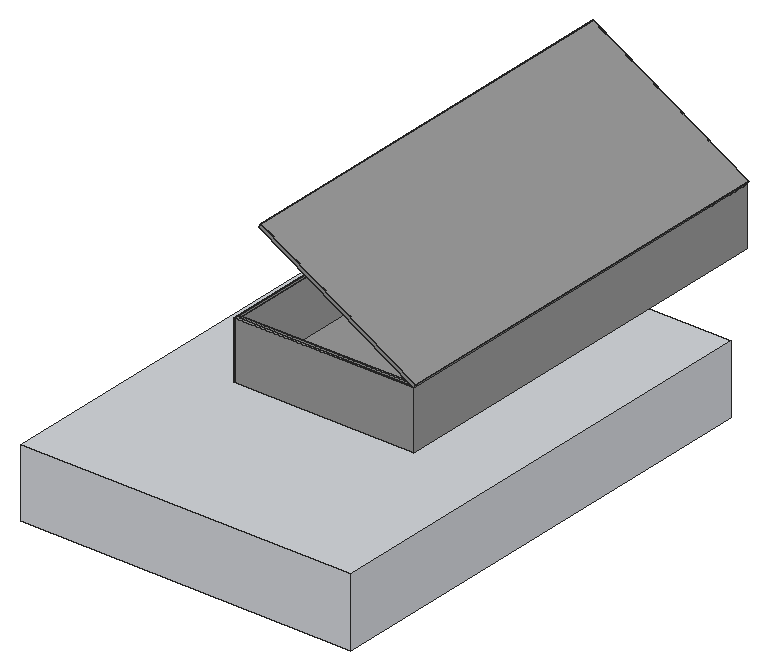
Revit family "Hager-Univers-IP41-D275-H1850-Cl.I-Steel_encl-PL-pl", category Equipement électrique, Revit 2020
Family settings
  Hôte = Face
  Configuration du panneau = Deux colonnes, circuits au sein
  Cote de connecteur circulaire = Utiliser le diamètre
  Type d'élément = Tableau de raccordement
  Couper avec des vides une fois chargée = Non
  Partagée = Non
  Point de calcul de pièce = Non
Parameters (values of type "Montaż natynkowy IP41 S800 W1850 G275  - FS23E")
  Width Control [instance] = if([EF000008 - Szerokość] > Min Width, [EF000008 - Szerokość], Min Width)  # 800 mm
  Commentaires du type = [HG000003 - Zakres]  # "Univers"
  Thickness Door [instance] = if([EF009171 - Drzwi/pokrywa z materiału o wysokiej wytrzymałości mechanicznej] > 3 mm, 3 mm, [EF009171 - Drzwi/pokrywa z materiału o wysokiej wytrzymałości mechanicznej])  # 1.5 mm
  Seal Frame Offset [instance] = 17 mm  # constant formula
  Plinth Visibility [instance] = [HG000027 - Wysokość cokołu] > 0 mm  # no
  Model = ""
  Min Width [instance] = 100 mm  # constant formula
  Min Height [instance] = 100 mm  # constant formula
  Min Depth [instance] = (2 * [EF009170 - Obudowa z materiału o wysokiej wytrzymałości mechanicznej]) + 1 mm  # 4 mm
  Internal Frame Depth [instance] = (Door System Depth * 0.5)  # 9 mm
  Height Control [instance] = if([EF000040 - Wysokość] > Min Height, [EF000040 - Wysokość], Min Height)  # 1850 mm
  HG000027 - Wysokość cokołu = 0 mm
  HG000026 - Stojąca = no
  HG000024 - Wysokość części dolnej = 800 mm
  HG000023 - Obudowa dwusekcyjna = no
  HG000016 - Widoczność drzwi w widoku 3D [instance] = yes
  HG000015 - Przestrzeń robocza - otwarcie drzwi [instance] = no
  HG000014 - Drzwi prawe [instance] = yes
  HG000013 - Drzwi lewe [instance] = not([HG000014 - Drzwi prawe])  # no
  HG000012 - Kąt otwarcia drzwi [instance] = 30.00°
  HG000010 - Drzwi asymetryczne = no
  HG000009 - Drzwi dwuskrzydłowe = no
  HG000006 - Montaż podtynkowy = no
  HG000004 - Referencja producenta = "FS23E"
  HG000003 - Zakres = "Univers"
  HG000002 - Z drzwiami lub pokrywą = yes
  Frame Offset Bottom [instance] = 10 mm  # constant formula
  Frame Offset [instance] = 15 mm  # constant formula
  EF015940 - Pokrywa z wyzwalaczem nadciśnieniowym = no
  EF011959 - Stopień ochrony (NEMA) = ""
  EF009554 - Liczba otworów pod flansze = 6
  Fabricant = "Hager"  # constant formula
  EF009212 - Wykonanie pokrywy = "EV000116 - Zamknięty"
  EF009171 - Drzwi/pokrywa z materiału o wysokiej wytrzymałości mechanicznej = 1.5 mm
  EF009170 - Obudowa z materiału o wysokiej wytrzymałości mechanicznej = 1.5 mm
  EF008873 - Prąd znamionowy (In) = 630 A
  EF007800 - Do ochrony odgromowej = no
  EF006306 - Z zamkiem = no
  EF006244 - Transparentna pokrywa/drzwi = no
  EF005474 - Stopień ochrony (IP) = "EV006416 - IP41"
  EF004464 - Rodzaj drzwi = "EV002646 - Pojedynczy"
  EF004427 - Liczba modułów = 432
  EF004293 - Odporność udarowa = "EV006813 - IK07"
  EF003532 - Do zastosowań zewnętrznych = no
  EF002950 - Szerokość wyrażona liczbą modułów = 24
  EF001613 - Podtrzymanie funkcji = "EV000494 - Brak"
  EF001596 - Materiał obudowy = "EV000179 - Stal"
  EF001131 - Głębokość wewnętrzna = 275 mm
  EF001088 - Możliwość rozbudowy = yes
  EF000437 - Liczba wejść kablowych = 6
  EF000339 - Rodzaj pokrywy = "EV004216 - Drzwi"
  EF000266 - Liczba rzędów = 12
  EF000218 - Głębokość wbudowania = 0 mm
  EF000118 - Z płytą montażową = no
  EF000116 - Numer RAL = "7035"
  EF000049 - Głębokość = 275 mm
  EF000040 - Wysokość = 1850 mm
  EF000008 - Szerokość = 800 mm
  EF000007 - Kolor = "EV000270 - Szary"
  EF000003 - Sposób montażu = "EV000384 - Montaż natynkowy"
  Door System Leaf Tolerance [instance] = 1.5 mm  # constant formula
  Door System Depth [instance] = 18 mm  # constant formula
  Door Height [instance] = Height Control - [HG000027 - Wysokość cokołu]  # 1850 mm
  Depth Control [instance] = if([EF000049 - Głębokość] > Min Depth, [EF000049 - Głębokość], Min Depth)  # 275 mm
  Default Elevation = 0 mm
  Connector Offset [instance] = Height Control / 2  # 925 mm
  Bottom Top Plate Trim [instance] = 1.5 mm  # constant formula
  Plinth height Ctrl [instance] = if([HG000027 - Wysokość cokołu] > 0 mm, [HG000027 - Wysokość cokołu], 12 mm)  # 12 mm
Types (5, lengths in mm): name | Width Control | HG000009 - Drzwi dwuskrzydłowe | HG000004 - Referencja producenta | EF009554 - Liczba otworów pod flansze | EF004464 - Rodzaj drzwi | EF004427 - Liczba modułów | EF000437 - Liczba wejść kablowych | EF000008 - Szerokość
  Montaż natynkowy IP41 S1050 W1850 G275  - FS24E | 1050 | yes | "FS24E" | 8 | "EV003602 - Podwójny" | 576 | 8 | 1050
  Montaż natynkowy IP41 S1300 W1850 G275  - FS25E | 1300 | yes | "FS25E" | 10 | "EV003602 - Podwójny" | 720 | 10 | 1300
  Montaż natynkowy IP41 S300 W1850 G275  - FS21E | 300 | no | "FS21E" | 2 | "EV002646 - Pojedynczy" | 144 | 2 | 300
  Montaż natynkowy IP41 S550 W1850 G275  - FS22E | 550 | no | "FS22E" | 4 | "EV002646 - Pojedynczy" | 288 | 4 | 550
  Montaż natynkowy IP41 S800 W1850 G275  - FS23E | 800 | no | "FS23E" | 6 | "EV002646 - Pojedynczy" | 432 | 6 | 800
Reference planes
  plane 1 "Center (Front/Back)": y = 0
  plane 2: z = 0
  plane 3 "Center (Left/Right)": x = 0
  plane 4: z = 275
  plane 5: y = 1.5
  plane 6: y = 925
  plane 7: y = 0
  plane 8: y = 1850
  plane 9: z = 0
  plane 10: x = -385
  plane 11: x = 385
  plane 12: x = 383.5
  plane 13: x = -383.5
  plane 14: y = 1848.5
  plane 15: x = -383
  plane 16: x = -400
  plane 17: x = 383
  plane 18: x = 400
  plane 19: x = 398.5
  plane 20: x = -398.5
  plane 21: y = 11.5
  plane 22: y = 1850
  plane 23: y = 1833.5
  plane 24: z = 257
  plane 25: z = 1.5
  plane 26: z = 255.5
  plane 27: z = 273.5
Forms (mm)
  Extrusion 1, solid
    sketch origin (0, 0, 0) x (1, 0, 0) y (0, 1, 0)
      loop
        line (-702.964, 1305) -> (-702.964, -811.445) -> (766.763, -811.445) -> (766.763, 1305) -> (-702.964, 1305)
    from 0 to -304.8
  Extrusion 2, solid, material "Hager_Steel_RAL7035_Light_Grey", visible <- "Plinth Visibility", detail levels medium+fine
    sketch origin (0, 0, 0) x (1, 0, 0) y (0, 1, 0)
      loop
        line (-400, 0) -> (400, 0) -> (400, 12) -> (-400, 12) -> (-400, 0)
    from 0 to 257
  Extrusion 3, solid, material "Hager_Steel_RAL7035_Light_Grey", detail levels medium+fine
    sketch origin (0, 0, 0) x (1, 0, 0) y (0, 1, 0)
      loop
        line (-400, 0) -> (400, 0) -> (400, 1850) -> (-400, 1850) -> (-400, 0)
    from 0 to 257
  Extrusion 4, void
    sketch origin (0, 0, 0) x (1, 0, 0) y (0, 1, 0)
      loop
        line (-398.5, 1.5) -> (398.5, 1.5) -> (398.5, 1848.5) -> (-398.5, 1848.5) -> (-398.5, 1.5)
    from 1.5 to 255.5
  Extrusion 5, void
    sketch origin (-381.607, -4572, 257) x (0, -1, 0) y (-1, 0, 0)
      loop
        line (-4583.5, 1.893) -> (-6405.5, 1.893) -> (-6405.5, -765.107) -> (-4583.5, -765.107) -> (-4583.5, 1.893)
    from 0 to 1.5 <- "EF009170 - Obudowa z materiału o wysokiej wytrzymałości mechanicznej"
  Extrusion 6, solid, material "Hager_Steel_RAL7035_Light_Grey", detail levels fine
    sketch origin (0, 0, 257) x (1, 0, 0) y (0, 1, 0)
      loop
        line (-383.5, 1833.5) -> (-383.5, 11.5) -> (383.5, 11.5) -> (383.5, 1833.5) -> (-383.5, 1833.5)
      loop
        line (-385, 10) -> (385, 10) -> (385, 1835) -> (-385, 1835) -> (-385, 10)
    from 0 to 9 <- "Internal Frame Depth"
  Extrusion 7, solid, material "Hager_Steel_RAL7035_Light_Grey", detail levels coarse
    sketch origin (0, 0, 0) x (1, 0, 0) y (0, 1, 0)
      loop
        line (-400, 0) -> (400, 0) -> (400, 1850) -> (-400, 1850) -> (-400, 0)
    from 0 to 275
  Sweep 8, void
    path in 3D
      loop
        line (-400, 12, 0) -> (400, 12, 0) -> (400, 12, 257) -> (-400, 12, 257) -> (-400, 12, 0)
    profile origin (-400, 12, 128.5) x (-1, 0, 0) y (0, -1, 0)
      loop
        line (0, 0) -> (0, 1.5) -> (-1.5, 1.5)
        arc (-1.5, 1.5) -> (-1.061, 0.439) -> (0, 0) r 1.5
Cuts and joins
  Extrusion 4, Extrusion 5 cuts Extrusion 3
  Sweep 8 cuts Extrusion 2
Lines and regions (mm)
  Masking region 1
    outline origin (0, 0, 0) x (1, 0, 0) y (0, 0, 1)
      loop
        line (-400, 275) -> (-400, 0) -> (400, 0) -> (400, 275) -> (-400, 275)
  Masking region 2, detail levels medium+fine
    outline origin (0, 140, 0) x (0, 1, 0) y (0, 0, 1)
      loop
        line (-140, 0) -> (1710, 0) -> (1710, 257) -> (-140, 257) -> (-140, 0)
  Masking region 3, not visible, detail levels medium+fine
    outline origin (0, 297.922, 0) x (0, 1, 0) y (0, 0, 1)
      loop
        line (638.578, 0) -> (678.578, 0) -> (678.578, 263.5)
        arc (678.578, 263.5) -> (675.649, 270.571) -> (668.578, 273.5) r 10
        line (668.578, 273.5) -> (638.578, 273.5) -> (638.578, 0)
  Masking region 4, detail levels coarse
    outline origin (0, 0, 180) x (0, 1, 0) y (0, 0, 1)
      loop
        line (0, -180) -> (1850, -180) -> (1850, 95) -> (0, 95) -> (0, -180)
  Masking region 5, visible <- "Plinth Visibility", detail levels medium+fine
    outline origin (0, 52.24, 12.345) x (0, 0, -1) y (0, 1, 0)
      loop
        line (10.845, -40.24) -> (-243.155, -40.24)
        arc (-243.155, -40.24) -> (-243.594, -41.301) -> (-244.655, -41.74) r 1.5
        line (-244.655, -41.74) -> (-244.655, -52.24) -> (12.345, -52.24) -> (12.345, -41.74)
        arc (12.345, -41.74) -> (11.285, -41.301) -> (10.845, -40.24) r 1.5
  Masking region 6, detail levels medium+fine
    outline origin (-381.607, -4572, 257) x (-1, 0, 0) y (0, -1, 0)
      loop
        line (18.393, -6422) -> (18.393, -4572) -> (-781.607, -4572) -> (-781.607, -6422) -> (18.393, -6422)
  Masking region 7, visible <- "Plinth Visibility", detail levels medium+fine
    outline origin (-381.607, -4727, 257) x (-1, 0, 0) y (0, -1, 0)
      loop
        arc (16.893, -4739) -> (17.332, -4737.939) -> (18.393, -4737.5) r 1.5
        line (18.393, -4737.5) -> (18.393, -4727) -> (-781.607, -4727) -> (-781.607, -4737.5)
        arc (-781.607, -4737.5) -> (-780.546, -4737.939) -> (-780.107, -4739) r 1.5
        line (-780.107, -4739) -> (16.893, -4739)
  Masking region 8, detail levels coarse
    outline origin (-442.548, -4669.526, 257) x (-1, 0, 0) y (0, -1, 0)
      loop
        line (-42.548, -6519.526) -> (-42.548, -4669.526) -> (-842.548, -4669.526) -> (-842.548, -6519.526) -> (-42.548, -6519.526)
  sketch lines
    curve 1: line (-400, 12, 257) -> (-400, 12, 0)
    curve 2: line (400, 12, 257) -> (-400, 12, 257)
    curve 3: line (400, 12, 257) -> (400, 12, 0)
    curve 4: line (-400, 12, 0) -> (400, 12, 0)
Dimensions and locks
  "Depth Control": plane 4 to Extrusion 1
  "HG000027 - Wysokość cokołu": plane 1 "Center (Front/Back)" to plane 7
  "EF009170 - Obudowa z materiału o wysokiej wytrzymałości mechanicznej": plane 5 to plane 7
  locked: connector elem to plane 3 "Center (Left/Right)"
  equal spacing: plane 8, plane 6, plane 7
  locked: connector elem to plane 6
  "EF009170 - Obudowa z materiału o wysokiej wytrzymałości mechanicznej": plane 8 to plane 14
  "EF009170 - Obudowa z materiału o wysokiej wytrzymałości mechanicznej": plane 10 to plane 13
  "EF009170 - Obudowa z materiału o wysokiej wytrzymałości mechanicznej": plane 12 to plane 11
  "Frame Offset": plane 20 to plane 13
  "Frame Offset": plane 12 to plane 19
  "EF009170 - Obudowa z materiału o wysokiej wytrzymałości mechanicznej": plane 16 to plane 20
  "EF009170 - Obudowa z materiału o wysokiej wytrzymałości mechanicznej": plane 19 to plane 18
  "Seal Frame Offset": plane 16 to plane 15
  "Seal Frame Offset": plane 17 to plane 18
  "Frame Offset Bottom": plane 21 to plane 5
  "Frame Offset": plane 14 to plane 23
  equal spacing: plane 16, plane 3 "Center (Left/Right)", plane 18
  "Width Control": plane 16 to plane 18
  "EF009170 - Obudowa z materiału o wysokiej wytrzymałości mechanicznej": plane 4 to plane 27
  "EF009170 - Obudowa z materiału o wysokiej wytrzymałości mechanicznej": plane 24 to plane 26
  "EF009170 - Obudowa z materiału o wysokiej wytrzymałości mechanicznej": plane 25 to level
  "Door System Depth": plane 4 to plane 24
  "Height Control": plane 1 "Center (Front/Back)" to Extrusion 7 sketch curve
  "Height Control": Masking region 4 sketch curve to plane 1 "Center (Front/Back)"
  "Height Control": plane 1 "Center (Front/Back)" to plane 22
  "Bottom Top Plate Trim": profile plane to Sweep 8 sketch curve
  "Bottom Top Plate Trim": Sweep 8 sketch curve to profile plane
  "Plinth height Ctrl": plane 1 "Center (Front/Back)" to Extrusion 2 sketch curve
  "Plinth height Ctrl": Masking region 5 sketch curve to plane 1 "Center (Front/Back)"
  "Plinth height Ctrl": plane 1 "Center (Front/Back)" to Masking region 7 sketch curve
  "Thickness Door": Extrusion 6 sketch curve to Extrusion 6 sketch curve  (x3)
  "Thickness Door": cut or joined group of Extrusion 3, Extrusion 4, Extrusion 5 to Extrusion 6 sketch curve
  radius of Masking region 3 sketch curve = 10 mm
  "Bottom Top Plate Trim": radius of Masking region 5 sketch curve  (x2)
  "Bottom Top Plate Trim": radius of Sweep 8 sketch curve
  "Bottom Top Plate Trim": radius of Masking region 7 sketch curve  (x2)
  aligned and locked: plane 2 to Extrusion 1
  aligned and locked: level to Extrusion 1
  aligned and locked: level to Masking region 1 sketch curve
  aligned and locked: Masking region 1 sketch curve to plane 18
  aligned and locked: Masking region 1 sketch curve to plane 16
  aligned and locked: plane 7 to Masking region 2 sketch curve
  aligned and locked: level to Masking region 3 sketch curve
  aligned and locked: Masking region 3 sketch curve to plane 27
  aligned and locked: level to Masking region 2 sketch curve
  aligned and locked: plane 1 "Center (Front/Back)" to Extrusion 2 sketch curve
  aligned and locked: Extrusion 3 sketch curve to plane 7
  aligned and locked: plane 16 to Extrusion 3 sketch curve
  aligned and locked: plane 18 to Extrusion 3 sketch curve
  aligned and locked: plane 20 to Extrusion 4 sketch curve
  aligned and locked: plane 19 to Extrusion 4 sketch curve
  aligned and locked: Extrusion 4 sketch curve to plane 5
  aligned and locked: Extrusion 4 to plane 25
  aligned and locked: plane 26 to Extrusion 4
  aligned and locked: plane 24 to Extrusion 3
  aligned and locked: Extrusion 5 sketch curve to plane 21
  aligned and locked: Extrusion 5 sketch curve to plane 13
  aligned and locked: Extrusion 5 sketch curve to plane 12
  aligned and locked: plane 18 to Extrusion 7 sketch curve
  aligned and locked: plane 1 "Center (Front/Back)" to Extrusion 7 sketch curve
  aligned and locked: plane 16 to Extrusion 7 sketch curve
  aligned and locked: plane 4 to Extrusion 7
  aligned and locked: Extrusion 7 to level
  aligned and locked: level to Masking region 4 sketch curve
  aligned and locked: Masking region 4 sketch curve to plane 1 "Center (Front/Back)"
  aligned and locked: Masking region 4 sketch curve to plane 4
  aligned and locked: nested 1 to level
  aligned and locked: nested 1 to plane 16
  aligned and locked: plane 8 to Extrusion 3 sketch curve
  aligned and locked: plane 23 to Extrusion 5 sketch curve
  aligned and locked: plane 14 to Extrusion 4 sketch curve
  aligned and locked: Masking region 2 sketch curve to plane 8
  aligned and locked: level to Masking region 5 sketch curve
  aligned and locked: plane 16 to Extrusion 2 sketch curve
  aligned and locked: plane 18 to Extrusion 2 sketch curve
  aligned and locked: Masking region 5 sketch curve to plane 24
  aligned and locked: Masking region 2 sketch curve to plane 24
  aligned and locked: plane 24 to Extrusion 2
  aligned and locked: profile plane to Sweep 8 sketch curve  (x2)
  aligned and locked: Masking region 6 sketch curve to plane 18
  aligned and locked: Masking region 6 sketch curve to plane 22
  aligned and locked: Masking region 6 sketch curve to plane 16
  aligned and locked: plane 8 to plane 22
  aligned and locked: Masking region 6 sketch curve to plane 7
  aligned and locked: Masking region 7 sketch curve to plane 16
  aligned and locked: Masking region 7 sketch curve to plane 1 "Center (Front/Back)"
  aligned and locked: Masking region 7 sketch curve to plane 18
  aligned and locked: Masking region 8 sketch curve to plane 1 "Center (Front/Back)"
  aligned and locked: Masking region 8 sketch curve to plane 18
  aligned and locked: Masking region 8 sketch curve to plane 22
  aligned and locked: Masking region 8 sketch curve to plane 16
  aligned and locked: nested 2 to plane 7
  aligned and locked: plane 3 "Center (Left/Right)" to nested 2
  aligned and locked: nested 2 to plane 24
  aligned and locked: Extrusion 6 sketch curve to cut or joined group of Extrusion 3, Extrusion 4, Extrusion 5  (x4)
Automatic sketch dimensions
  Extrusion 1 sketch curve to Extrusion 1 sketch curve = 1469.727 mm
  Extrusion 1 sketch curve to Extrusion 1 sketch curve = 2116.445 mm
  Masking region 1 sketch curve to plane 4 = 0 mm
  plane 6 to Masking region 3 sketch curve = 11.5 mm
  Masking region 3 sketch curve to Masking region 3 sketch curve = 30 mm
  Masking region 5 sketch curve to plane 1 "Center (Front/Back)" = 0 mm
Nested families
  nested 1: "Hager_Enclosure_Symbol" at (-400, 0, 0) x (1, 0, 0) z (0, -1, 0), Height <- "Depth Control", Width <- "Width Control", type "Hager_Enclosure_Symbol"
    with Width_Ctrl 800 mm, Width 800 mm, Height_Ctrl 275 mm, Height 275 mm, A_Width_Int 18.047 mm, A_Width 216.562 mm, A_Height_Ctrl 240.625 mm, A_Height 240.625 mm
  nested 2: "EC000058_Univers_Door" at (0, 0, 257) x (1, 0, 0) z (0, 1, 0), Leaf_Tolerance <- "Door System Leaf Tolerance", Angle <- "HG000012 - Kąt otwarcia drzwi", Door_Depth <- "Door System Depth", Door_Left <- "HG000013 - Drzwi lewe", Transparent <- "EF006244 - Transparentna pokrywa/drzwi", Assymetrical <- "HG000010 - Drzwi asymetryczne", Width <- "Width Control", Clearance <- "HG000015 - Przestrzeń robocza - otwarcie drzwi", Double <- "HG000009 - Drzwi dwuskrzydłowe", 3d_Door <- "HG000016 - Widoczność drzwi w widoku 3D", Lock_Visibility <- "EF006306 - Z zamkiem", Width_Ctrl <- "Width Control", Door_Right <- "HG000014 - Drzwi prawe", Door <- "HG000002 - Z drzwiami lub pokrywą", Height <- "Door Height", Thickness <- "Thickness Door", type "EC000058_Univers_Door", detail levels medium+fine
    with min_wh 4 mm, Width_Ctrl 800 mm, Width 800 mm, Transparent no, Thickness 1.5 mm, Seal_Material Hager_Rubber, Lock_Visibility no, Lock_Material Hager_Plastic_RAL9005_Jet_Black, Leaf_Width 800 mm, Leaf_Tolerance_External_Sides 0 mm, Leaf_Tolerance 1.5 mm, Leaf_Offset 0 mm, Leaf_Height 1847 mm, Leaf_2_Width 800 mm, Leaf_2_Offset 400 mm, Leaf_1_Width 800 mm, Leaf_1_Offset 400 mm, Height_Ctrl 1850 mm, Height 1850 mm, Glass_Material Hager_Glass, Double_Clearance_Ctrl no, Double no, Door_Right_Ctrl yes, Door_Right yes, Door_Material Hager_Steel_RAL7035_Light_Grey, Door_Left_Ctrl no, Door_Left no, Door_Depth 18 mm, Door yes, Clearance_Material Hager_Clearance, Clearance_Depth 800 mm, Clearance_Ctrl no, Clearance no, Assymetrical no, Angle 30.00°, 3d_Door yes
Connectors
  electrical at (0, 925, 0)
    settings: on plane 9, index 1, voltage 0 V, apparent load 0 VA, apparent load phase1 0 VA, apparent load phase2 0 VA, apparent load phase3 0 VA, power factor 1, load classification "Other", number of poles 1, system type 30, power factor state 1, is connector primary yes, connector utility no, sub classification motor no, connector description ""
Definition of nested family "EC000058_Univers_Door"
  Parameters (values of type "EC000058_Univers_Door")
    min_wh [instance] = (2 * Thickness) + 1 mm  # 11 mm
    Width_Ctrl [instance] = 400 mm
    Width [instance] = 500 mm
    Transparent [instance] = yes
    Thickness [instance] = 5 mm
    Seal_Material [instance] = none
    Lock_Visibility [instance] = yes
    Lock_Material [instance] = none
    Leaf_Width [instance] = if((Width_Ctrl - 2 * Leaf_Tolerance_External_Sides) > 0 mm, (Width_Ctrl - 2 * Leaf_Tolerance_External_Sides), min_wh)  # 400 mm
    Leaf_Tolerance_External_Sides [instance] = 0 mm  # constant formula
    Leaf_Tolerance [instance] = 1.5 mm
    Leaf_Offset [instance] = 0 mm  # constant formula
    Leaf_Height [instance] = if((Height_Ctrl - 2 * Leaf_Tolerance) > 0 mm, (Height_Ctrl - 2 * Leaf_Tolerance), min_wh)  # 497 mm
    Leaf_2_Width [instance] = if(and(and(Double, Assymetrical), Door_Left), (Leaf_Width / 3) - (Leaf_Tolerance / 2), if(and(and(Double, Assymetrical), Door_Right), (Leaf_Width / 3) * 2 - (Leaf_Tolerance / 2), if(and(Double, not(Assymetrical)), (Leaf_Width / 2) - Leaf_Tolerance, Leaf_Width)))  # 400 mm
    Leaf_2_Offset [instance] = if(and(Double, Assymetrical), Leaf_2_Width / 2, if(and(Double, not(Assymetrical)), Leaf_Width / 4, Leaf_Width / 2))  # 200 mm
    Leaf_1_Width [instance] = if(and(and(Double, Assymetrical), Door_Right), (Leaf_Width / 3) - (Leaf_Tolerance / 2), if(and(and(Double, Assymetrical), Door_Left), (Width / 3) * 2 - (Leaf_Tolerance / 2), if(and(Double, not(Assymetrical)), (Leaf_Width / 2) - Leaf_Tolerance, Leaf_Width)))  # 400 mm
    Leaf_1_Offset [instance] = if(and(Double, Assymetrical), Leaf_1_Width / 2, if(and(Double, not(Assymetrical)), Leaf_Width / 4, Leaf_Width / 2))  # 200 mm
    Height_Ctrl [instance] = if(Height > min_wh, Height, min_wh)  # 500 mm
    Height [instance] = 500 mm
    Glass_Material [instance] = none
    Double_Clearance_Ctrl [instance] = and(Double, Clearance)  # no
    Double [instance] = no
    Door_Right_Ctrl [instance] = and(or(Door_Right, Double), Door)  # yes
    Door_Right [instance] = yes
    Door_Material [instance] = none
    Door_Left_Ctrl [instance] = and(or(Door_Left, Double), Door)  # no
    Door_Left [instance] = no
    Door_Depth [instance] = 30 mm
    Door [instance] = yes
    Default Elevation = 1219.2 mm
    Clearance_Material [instance] = none
    Clearance_Depth [instance] = if(Leaf_1_Width > Leaf_2_Width, Leaf_1_Width, Leaf_2_Width)  # 400 mm
    Clearance_Ctrl [instance] = and(not(Double), Clearance)  # yes
    Clearance [instance] = yes
    Assymetrical [instance] = yes
    Angle [instance] = 30.00°
    3d_Door [instance] = yes
  Reference planes
    plane 1 "Center (Front/Back)": y = 0
    plane 2 "Bottom": z = 0
    plane 3 "Center (Left/Right)": x = 0
    plane 4: z = 500
    plane 5: x = -200
    plane 6: x = 200
    plane 7: z = 500
    plane 8: x = -200
    plane 9: z = 0
    plane 10: x = 200
    plane 11: y = 0
    plane 12: z = 1.5
    plane 13: x = -600
    plane 14: y = -400
    plane 15: x = 600
    plane 16: x = 0
    plane 17: x = 0
    plane 18: x = -200
    plane 19: x = 200
    plane 20: z = 498.5
  Forms (mm)
    Extrusion 1, solid, material <- "Clearance_Material", visible <- "Double_Clearance_Ctrl"
      sketch origin (1200, 0, 0) x (1, 0, 0) y (0, 0, -1)
        loop
          line (-1800, -498.5) -> (-600, -498.5) -> (-600, 0) -> (-1800, 0) -> (-1800, -498.5)
      from 0 to -400
  Dimensions and locks
    equal spacing: plane 5, plane 3 "Center (Left/Right)", plane 6
    "Width_Ctrl": plane 5 to plane 6
    "Leaf_Offset": plane 5 to plane 8
    "Leaf_Offset": plane 6 to plane 10
    "Leaf_Offset": plane 9 to level
    "Leaf_Offset": plane 4 to plane 7
    "Height_Ctrl": plane 4 to level
    "Leaf_Tolerance": plane 12 to plane 9
    locked: plane 11 to plane 1 "Center (Front/Back)"
    "Leaf_1_Offset": plane 18 to plane 16
    "Leaf_2_Offset": plane 17 to plane 19
    "Leaf_1_Width": plane 13 to plane 8
    "Leaf_2_Width": plane 10 to plane 15
    "Clearance_Depth": plane 14 to plane 1 "Center (Front/Back)"
    "Leaf_Tolerance_External_Sides": plane 8 to plane 18
    "Leaf_Tolerance_External_Sides": plane 19 to plane 10
    "Leaf_Tolerance": plane 7 to plane 20
    aligned and locked: level to plane 2 "Bottom"
    aligned and locked: nested 1 to plane 16
    aligned and locked: nested 2 to plane 17
    aligned and locked: Extrusion 1 to plane 13
    aligned and locked: plane 15 to Extrusion 1
    aligned and locked: Extrusion 1 to plane 14
    aligned and locked: plane 12 to nested 1
    aligned and locked: nested 2 to plane 12
    aligned and locked: Extrusion 1 to plane 11
    aligned and locked: plane 20 to Extrusion 1
    aligned and locked: nested 2 to plane 11
    aligned and locked: nested 1 to plane 11
  Automatic sketch dimensions
    Extrusion 1 sketch curve to level = 0 mm
    plane 5 to Extrusion 1 sketch curve = 400 mm
    plane 6 to Extrusion 1 sketch curve = 400 mm
    Extrusion 1 sketch curve to plane 4 = 1.5 mm
  Nested families
    nested 1: "EC000058_Univers_Door_Leaf" at (0, 0, 1.5), Width <- "Leaf_1_Width", visible <- "Door_Left_Ctrl", Leaf_Height <- "Leaf_Height", Angle <- "Angle", 3d_Door <- "3d_Door", Transparent <- "Transparent", Clearance Material <- "Clearance_Material", Clearance <- "Clearance_Ctrl", Door_Material <- "Door_Material", Glass_Material <- "Glass_Material", Door_Depth <- "Door_Depth", Lock_Material <- "Lock_Material", Seal_Material <- "Seal_Material", Lock_Visibility <- "Lock_Visibility", Thickness <- "Thickness", type "EC000058_Univers_Door_Leaf"
      with Width 400 mm, Transparent_Glass_Offset 30 mm, Transparent_Ctrl yes, Transparent yes, Thickness 5 mm, Standard no, Seal_Material none, Seal_D2 8 mm, Seal_D1 1 mm, Offset_Internal_Frame 10 mm, Lock_Width 20 mm, Lock_Visibility_3d yes, Lock_Visibility yes, Lock_Thickness_3 3 mm, Lock_Thickness_2 1 mm, Lock_Thickness_1 3 mm, Lock_Radius_Offset_2 16 mm, Lock_Radius_Offset_1 15 mm, Lock_Radius_2 5 mm, Lock_Radius 6 mm, Lock_Offset 5 mm, Lock_Material none, Lock_Height 80 mm, Lock_Cover_Top_Offset_2d 17 mm, Lock_Cover_Height -65 mm, Leaf_Height 497 mm, Internal_Seal_Thickness 8 mm, Internal_Seal_Depth_2 4.5 mm, Internal_Frame_Depth 25 mm, Glass_Thickness -1 mm, Glass_Offset -2 mm, Glass_Material none, Door_Material none, Door_Depth 30 mm, Clearance Material none, Clearance yes, Angle_Ctrl 30.00°, Angle 30.00°, 3d_Door yes
    nested 2: "EC000058_Univers_Door_Leaf" at (0, 0, 1.5) x (-1, 0, 0) z (0, 0, 1), Width <- "Leaf_2_Width", visible <- "Door_Right_Ctrl", Leaf_Height <- "Leaf_Height", Angle <- "Angle", 3d_Door <- "3d_Door", Transparent <- "Transparent", Clearance Material <- "Clearance_Material", Clearance <- "Clearance_Ctrl", Door_Material <- "Door_Material", Glass_Material <- "Glass_Material", Door_Depth <- "Door_Depth", Lock_Material <- "Lock_Material", Seal_Material <- "Seal_Material", Lock_Visibility <- "Lock_Visibility", Thickness <- "Thickness", type "EC000058_Univers_Door_Leaf"
      with Width 400 mm, Transparent_Glass_Offset 30 mm, Transparent_Ctrl yes, Transparent yes, Thickness 5 mm, Standard no, Seal_Material none, Seal_D2 8 mm, Seal_D1 1 mm, Offset_Internal_Frame 10 mm, Lock_Width 20 mm, Lock_Visibility_3d yes, Lock_Visibility yes, Lock_Thickness_3 3 mm, Lock_Thickness_2 1 mm, Lock_Thickness_1 3 mm, Lock_Radius_Offset_2 16 mm, Lock_Radius_Offset_1 15 mm, Lock_Radius_2 5 mm, Lock_Radius 6 mm, Lock_Offset 5 mm, Lock_Material none, Lock_Height 80 mm, Lock_Cover_Top_Offset_2d 17 mm, Lock_Cover_Height -65 mm, Leaf_Height 497 mm, Internal_Seal_Thickness 8 mm, Internal_Seal_Depth_2 4.5 mm, Internal_Frame_Depth 25 mm, Glass_Thickness -1 mm, Glass_Offset -2 mm, Glass_Material none, Door_Material none, Door_Depth 30 mm, Clearance Material none, Clearance yes, Angle_Ctrl 30.00°, Angle 30.00°, 3d_Door yes
  Definition of nested family "EC000058_Univers_Door_Leaf"
    Parameters (values of type "EC000058_Univers_Door_Leaf")
      Width [instance] = 2000 mm
      Transparent_Glass_Offset [instance] = 30 mm
      Transparent_Ctrl [instance] = and(Transparent, [3d_Door])  # yes
      Transparent [instance] = yes
      Thickness [instance] = 5 mm
      Standard [instance] = and(not(Transparent), [3d_Door])  # no
      Seal_Material [instance] = none
      Seal_D2 [instance] = 8 mm  # constant formula
      Seal_D1 [instance] = 1 mm  # constant formula
      Offset_Internal_Frame [instance] = 10 mm  # constant formula
      Lock_Width [instance] = 20 mm  # constant formula
      Lock_Visibility_3d [instance] = and(Lock_Visibility, [3d_Door])  # yes
      Lock_Visibility [instance] = yes
      Lock_Thickness_3 [instance] = 3 mm  # constant formula
      Lock_Thickness_2 [instance] = 1 mm  # constant formula
      Lock_Thickness_1 [instance] = 3 mm  # constant formula
      Lock_Radius_Offset_2 [instance] = Lock_Radius_Offset_1 + 1 mm  # 16 mm
      Lock_Radius_Offset_1 [instance] = 15 mm  # constant formula
      Lock_Radius_2 [instance] = Lock_Radius - 1 mm  # 5 mm
      Lock_Radius [instance] = 6 mm  # constant formula
      Lock_Offset [instance] = 5 mm  # constant formula
      Lock_Material [instance] = none
      Lock_Height [instance] = 80 mm  # constant formula
      Lock_Cover_Top_Offset_2d [instance] = Lock_Radius_Offset_2 + 1 mm  # 17 mm
      Lock_Cover_Height [instance] = -(Lock_Height - Lock_Radius_Offset_1)  # -65 mm
      Leaf_Height [instance] = 2720.336 mm
      Internal_Seal_Thickness [instance] = 8 mm  # constant formula
      Internal_Seal_Depth_2 [instance] = 4.5 mm  # constant formula
      Internal_Frame_Depth [instance] = if(Door_Depth - Thickness > 5 mm, Door_Depth - Thickness, 5 mm)  # 25 mm
      Glass_Thickness [instance] = if(Thickness > 15 mm, Glass_Offset + 10 mm, -1 mm)  # -1 mm
      Glass_Offset [instance] = if(Thickness > 15 mm, -(Thickness + 10 mm) / 2, -2 mm)  # -2 mm
      Glass_Material [instance] = none
      Door_Material [instance] = none
      Door_Depth [instance] = 30 mm
      Default Elevation = 0 mm
      Clearance Material [instance] = none
      Clearance [instance] = yes
      Angle_Ctrl [instance] = if(Angle > 180.00°, 180.00°, Angle)  # 90.00°
      Angle [instance] = 90.00°
      3d_Door [instance] = yes
    Reference planes
      plane 1 "Center (Front/Back)": y = 0
      plane 2: z = 0
      plane 3 "Center (Left/Right)": x = 0
      plane 4: y = 2000
      plane 5: x = -1000
      plane 6: x = 1000
      plane 7: x = -3000
      plane 8: z = 2720.336
      plane 9: z = 30
      plane 10: z = 2690.336
      plane 11: x = 970
      plane 12: x = -970
      plane 13: y = -3
      plane 14: z = 107.833
      plane 15: y = -5
      plane 16: y = -223.314
      plane 17: x = -1000
      plane 18: z = 1360.168
      plane 19: y = 30
    Forms (mm)
      Extrusion 1, solid, material <- "Clearance Material", visible <- "Clearance"
        sketch origin (0, 0, 0) x (1, 0, 0) y (0, 0, 1)
          loop
            line (-3000, 2720.336) -> (-3000, 0) -> (1000, 0) -> (1000, 2720.336) -> (-3000, 2720.336)
        from 0 to -2000
      Extrusion 2, solid, material <- "Door_Material", visible <- "Standard", detail levels medium+fine
        sketch origin (-1000, 0, 0) x (0, 1, 0) y (-1, 0, 0)
          loop
            line (0, 30) -> (0, 25) -> (2000, 25) -> (2000, 30) -> (0, 30)
        from 0 to 2720.336 <- "Leaf_Height"
      Extrusion 3, solid, material <- "Door_Material", visible <- "Transparent_Ctrl", detail levels medium+fine
        sketch origin (-1000, 0, 0) x (0, 1, 0) y (-1, 0, 0)
          loop
            line (0, 25) -> (2000, 25) -> (2000, 30) -> (0, 30) -> (0, 25)
        from 0 to 2720.336 <- "Leaf_Height"
      Extrusion 4, void
        sketch origin (-1025, 2000, 0) x (0, 1, 0) y (0, 0, -1)
          loop
            line (-30, -2690.336) -> (-30, -30) -> (-1970, -30) -> (-1970, -2690.336) -> (-30, -2690.336)
        from 0 to 5 <- "Thickness"
      Sweep 5, solid, material <- "Seal_Material", visible <- "Transparent_Ctrl", detail levels fine
        path in 3D
          loop
            line (-1025, 30, 30) -> (-1025, 30, 2690.336) -> (-1025, 1970, 2690.336) -> (-1025, 1970, 30) -> (-1025, 30, 30)
        profile origin (-1025, 1000, 30) x (1, 0, 0) y (0, 0, 1)
          loop
            line (0, 0) -> (0, -8) -> (1, -8) -> (1, 0) -> (0, 0)
      Extrusion 6, solid, material <- "Glass_Material", visible <- "Transparent_Ctrl", detail levels medium+fine
        sketch origin (-1030, 0, 0) x (0, 1, 0) y (0, 0, -1)
          loop
            line (1970, -2690.336) -> (1970, -30) -> (30, -30) -> (30, -2690.336) -> (1970, -2690.336)
        from -2 <- "Glass_Offset" to -1 <- "Glass_Thickness"
      Extrusion 7, solid, material <- "Door_Material", visible <- "3d_Door", detail levels medium+fine
        sketch origin (-1025, 2000, 0) x (0, -1, 0) y (0, 0, -1)
          loop
            line (0, -2720.336) -> (2000, -2720.336) -> (2000, 0) -> (0, 0) -> (0, -2720.336)
          loop
            line (1995, -5) -> (5, -5) -> (5, -2715.336) -> (1995, -2715.336) -> (1995, -5)
        from 0 to 25 <- "Internal_Frame_Depth"
      Sweep 8, solid, material <- "Seal_Material", visible <- "Transparent_Ctrl", detail levels fine
        path in 3D
          loop
            line (-1025, 0, 0) -> (-1025, 2000, 0) -> (-1025, 2000, 2720.336) -> (-1025, 0, 2720.336) -> (-1025, 0, 0)
        profile origin (-1025, 0, 1360.168) x (1, 0, 0) y (0, 1, 0)
          loop
            line (0, 10) -> (2.975, 10)
            arc (2.975, 10) -> (4.053, 10.447) -> (4.5, 11.525) r 1.525
            line (4.5, 11.525) -> (4.5, 16.527)
            arc (4.5, 16.527) -> (4.069, 17.569) -> (3.027, 18) r 1.473
            line (3.027, 18) -> (0, 18) -> (0, 10)
      Extrusion 9, solid, material <- "Lock_Material", visible <- "Lock_Visibility_3d", detail levels fine
        sketch origin (-1030, 0, 0) x (0, 1, 0) y (0, 0, -1)
          loop
            arc (1993.5, -1400.168) -> (1994.561, -1399.729) -> (1995, -1398.668) r 1.5
            line (1995, -1398.668) -> (1995, -1320.168) -> (1975, -1320.168) -> (1975, -1398.668)
            arc (1975, -1398.668) -> (1975.439, -1399.729) -> (1976.5, -1400.168) r 1.5
            line (1976.5, -1400.168) -> (1993.5, -1400.168)
        from 3 <- "Lock_Thickness_1" to 0
      Blend 10, solid, material <- "Lock_Material", visible <- "Lock_Visibility_3d", detail levels fine
        base sketch origin (-1033, 0, 0) x (0, 1, 0) y (0, 0, -1)
          loop
            line (1975, -1320.168) -> (1975, -1398.668)
            arc (1975, -1398.668) -> (1975.439, -1399.729) -> (1976.5, -1400.168) r 1.5
            line (1976.5, -1400.168) -> (1993.5, -1400.168)
            arc (1993.5, -1400.168) -> (1994.561, -1399.729) -> (1995, -1398.668) r 1.5
            line (1995, -1398.668) -> (1995, -1320.168) -> (1975, -1320.168)
        top sketch origin (-1033, 0, 0) x (0, 1, 0) y (0, 0, -1)
          loop
            line (1976, -1320.168) -> (1976, -1398.668)
            arc (1976, -1398.668) -> (1976.146, -1399.022) -> (1976.5, -1399.168) r 0.5
            line (1976.5, -1399.168) -> (1993.5, -1399.168)
            arc (1993.5, -1399.168) -> (1993.854, -1399.022) -> (1994, -1398.668) r 0.5
            line (1994, -1398.668) -> (1994, -1320.168) -> (1976, -1320.168)
        from 0 to 1 <- "Lock_Thickness_2"
      Blend 11, solid, material <- "Lock_Material", visible <- "Lock_Visibility_3d", detail levels fine
        base sketch origin (-1034, 0, 0) x (0, 1, 0) y (0, 0, -1)
          loop
            line (1978, -1320.168) -> (1978, -1384.168)
            arc (1978, -1384.168) -> (1985, -1391.168) -> (1992, -1384.168) r 7
            line (1992, -1384.168) -> (1992, -1320.168) -> (1978, -1320.168)
        top sketch origin (-1034, 0, 0) x (0, 1, 0) y (0, 0, -1)
          loop
            line (1991, -1320.168) -> (1979, -1320.168) -> (1979, -1383.168)
            arc (1979, -1383.168) -> (1985, -1389.168) -> (1991, -1383.168) r 6
            line (1991, -1383.168) -> (1991, -1320.168)
        from 0 to 3 <- "Lock_Thickness_3"
      Extrusion 12, solid, material <- "Lock_Material", visible <- "Lock_Visibility_3d", detail levels fine
        sketch origin (-1030, 1975, 1320.168) x (1, 0, 0) y (0, -1, 0)
          loop
            line (-7, -19) -> (-7, -1) -> (0, -1) -> (0, 0) -> (-8, 0) -> (-8, -20) -> (0, -20) -> (0, -19) -> (-7, -19)
        from 0 to -65 <- "Lock_Cover_Height"
      Extrusion 13, void
        sketch origin (-1038, 1995, 1320.168) x (-1, 0, 0) y (0, 0, -1)
          loop
            line (-5, -65) -> (0, -65) -> (-5, -60) -> (-5, -65)
        from 0 to 20 <- "Lock_Width"
      Extrusion 14, void
        sketch origin (-1038, 1975, 1320.168) x (0, -1, 0) y (0, 0, -1)
          loop
            circle (-10, -15.995) r 6
          loop
            circle (-10, -15.995) r 5
        from 0 to 2
      Extrusion 15, solid, material <- "Lock_Material", visible <- "Lock_Visibility_3d", detail levels medium
        sketch origin (-1030, 0, 0) x (0, 1, 0) y (0, 0, -1)
          loop
            arc (1993.5, -1400.168) -> (1994.561, -1399.729) -> (1995, -1398.668) r 1.5
            line (1995, -1398.668) -> (1995, -1320.168) -> (1975, -1320.168) -> (1975, -1398.668)
            arc (1975, -1398.668) -> (1975.439, -1399.729) -> (1976.5, -1400.168) r 1.5
            line (1976.5, -1400.168) -> (1993.5, -1400.168)
        from 8 to 0
    Cuts and joins
      Extrusion 4 cuts Extrusion 3
      Extrusion 13, Extrusion 14 cuts Extrusion 9
      Extrusion 14 cuts Blend 11
      Extrusion 13, Extrusion 14 cuts Extrusion 12
      joined: Extrusion 9, Blend 10, Blend 11, Extrusion 12
      Extrusion 14 cuts Extrusion 15
    Lines and regions (mm)
      Masking region 1, visible <- "Lock_Visibility", detail levels fine
        outline origin (0, 0, 0) x (0, 1, 0) y (0, 0, 1)
          loop
            line (30, 1320.168) -> (33, 1320.168) -> (33, 1400.168) -> (30, 1400.168) -> (30, 1320.168)
      Masking region 2, visible <- "Lock_Visibility", detail levels fine
        outline origin (0, 3.143, 0) x (0, 1, 0) y (0, 0, 1)
          loop
            line (29.857, 1354.168) -> (30.857, 1354.168) -> (30.857, 1366.168) -> (29.857, 1366.168) -> (29.857, 1354.168)
      Masking region 3, detail levels medium+fine
        outline origin (0, 0, 0) x (0, 1, 0) y (0, 0, 1)
          loop
            line (0, 0) -> (30, 0) -> (30, 2720.336) -> (0, 2720.336) -> (0, 0)
      Masking region 4, detail levels medium+fine
        outline origin (0, 0, 0) x (1, 0, 0) y (0, 0, 1)
          loop
            line (-1000, 2720.336) -> (-1000, 0) -> (1000, 0) -> (1000, 2720.336) -> (-1000, 2720.336)
      Masking region 5, visible <- "Lock_Visibility", detail levels fine
        outline origin (-47.116, 0, 0) x (1, 0, 0) y (0, 0, 1)
          loop
            arc (1024.616, 1399.168) -> (1023.556, 1398.729) -> (1023.116, 1397.668) r 1.5
            line (1023.116, 1397.668) -> (1023.116, 1320.168) -> (1041.116, 1320.168) -> (1041.116, 1397.668)
            arc (1041.116, 1397.668) -> (1040.677, 1398.729) -> (1039.616, 1399.168) r 1.5
            line (1039.616, 1399.168) -> (1024.616, 1399.168)
      Masking region 6, visible <- "Lock_Visibility", detail levels medium+fine
        outline origin (-25, 0, 0) x (1, 0, 0) y (0, 0, 1)
          loop
            arc (1001.5, 1400.168) -> (1000.439, 1399.729) -> (1000, 1398.668) r 1.5
            line (1000, 1398.668) -> (1000, 1320.168) -> (1020, 1320.168) -> (1020, 1398.668)
            arc (1020, 1398.668) -> (1019.561, 1399.729) -> (1018.5, 1400.168) r 1.5
            line (1018.5, 1400.168) -> (1001.5, 1400.168)
      Masking region 7, visible <- "Lock_Visibility", detail levels fine
        outline origin (-73.735, 0, 0) x (1, 0, 0) y (0, 0, 1)
          loop
            line (1051.735, 1382.168) -> (1065.735, 1382.168) -> (1065.735, 1384.168)
            arc (1065.735, 1384.168) -> (1058.735, 1391.168) -> (1051.735, 1384.168) r 7
            line (1051.735, 1384.168) -> (1051.735, 1382.168)
      Masking region 8, visible <- "Lock_Visibility", detail levels fine
        outline origin (-73.735, 0, 0) x (1, 0, 0) y (0, 0, 1)
          loop
            line (1052.735, 1382.168) -> (1064.735, 1382.168) -> (1064.735, 1383.168)
            arc (1064.735, 1383.168) -> (1058.735, 1389.168) -> (1052.735, 1383.168) r 6
            line (1052.735, 1383.168) -> (1052.735, 1382.168)
      Masking region 9, visible <- "Lock_Visibility", detail levels fine
        outline origin (-25, 0, 0) x (1, 0, 0) y (0, 0, 1)
          loop
            line (1020, 1320.168) -> (1020, 1382.168) -> (1000, 1382.168) -> (1000, 1320.168) -> (1020, 1320.168)
      Masking region 10, detail levels medium+fine
        outline origin (0, 0, 0) x (1, 0, 0) y (0, 0, 1)
          loop
            circle (985, 1335.144) r 6
      Masking region 11, detail levels fine
        outline origin (0, 0, 0) x (1, 0, 0) y (0, 0, 1)
          loop
            circle (985, 1335.144) r 5
      Masking region 12, visible <- "Lock_Visibility", detail levels fine
        outline origin (0, 12.767, 0) x (0, 1, 0) y (0, 0, 1)
          loop
            line (20.233, 1320.168) -> (21.233, 1320.168) -> (21.233, 1399.168) -> (20.233, 1400.168) -> (20.233, 1320.168)
      Masking region 13, visible <- "Lock_Visibility", detail levels fine
        outline origin (0, 13.767, -10) x (0, 1, 0) y (0, 0, 1)
          loop
            line (20.233, 1330.168) -> (23.233, 1330.168) -> (23.233, 1399.168) -> (20.233, 1402.168) -> (20.233, 1330.168)
      Masking region 14, visible <- "Lock_Visibility", detail levels fine
        outline origin (0, 12.767, -10) x (0, 1, 0) y (0, 0, 1)
          loop
            line (20.233, 1330.168) -> (25.233, 1330.168) -> (25.233, 1399.305) -> (20.233, 1394.305) -> (20.233, 1330.168)
      Masking region 15, visible <- "Lock_Visibility", detail levels medium
        outline origin (0, 0, 0) x (0, 1, 0) y (0, 0, 1)
          loop
            line (30, 1320.168) -> (38, 1320.168) -> (38, 1400.168) -> (30, 1400.168) -> (30, 1320.168)
      Masking region 16, visible <- "Lock_Visibility", detail levels fine
        outline origin (-1000, 0, 0) x (0, 1, 0) y (-1, 0, 0)
          loop
            line (1975, 30) -> (1995, 30) -> (1995, 38) -> (1975, 38) -> (1975, 30)
          loop
            line (1979, 37) -> (1976, 37) -> (1976, 34) -> (1978, 34) -> (1979, 37)
          loop
            line (1994, 37) -> (1991, 37) -> (1992, 34) -> (1994, 34) -> (1994, 37)
      Masking region 17, visible <- "Lock_Visibility", detail levels medium
        outline origin (-1000, 0, 0) x (0, 1, 0) y (-1, 0, 0)
          loop
            line (1975, 30) -> (1995, 30) -> (1995, 38) -> (1975, 38) -> (1975, 30)
      symbolic lines
        curve 1: line (1000, 0, 0) -> (-3000, 0, 0)
        curve 2: arc (1000, 0, 0) -> (-1000, 2000, 0) -> (-3000, 0, 0) r 2000
        curve 4: line (-1030, 0, 0) -> (-1030, 2000, 0)
      reference lines
        curve 3: line (-1000, 0, 0) -> (-1000, 2000, 0)
      symbolic lines, detail levels medium+fine
        curve 5: line (-1030, 2000, 0) -> (-1025, 2000, 0)
        curve 7: line (-1025, 0, 0) -> (-1030, 0, 0)
        curve 8: line (-1025, 0, 0) -> (-1000, 0, 0)
        curve 9: line (-1000, 0, 0) -> (-1000, 2000, 0)
        curve 10: line (-1000, 2000, 0) -> (-1025, 2000, 0)
      symbolic lines, detail levels fine
        curve 6: line (-1025, 2000, 0) -> (-1025, 0, 0)
      sketch lines
        curve 11: line (-1025, 0, 2720.336) -> (-1025, 0, 0)
        curve 12: line (-1025, 2000, 0) -> (-1025, 0, 0)
        curve 13: line (-1025, 2000, 2720.336) -> (-1025, 2000, 0)
        curve 14: line (-1025, 0, 2720.336) -> (-1025, 2000, 2720.336)
        curve 15: line (-1025, 1970, 30) -> (-1025, 30, 30)
        curve 16: line (-1025, 30, 30) -> (-1025, 30, 2690.336)
        curve 17: line (-1025, 1970, 2690.336) -> (-1025, 1970, 30)
        curve 18: line (-1025, 30, 2690.336) -> (-1025, 1970, 2690.336)
      symbolic lines, visible <- "Transparent", detail levels medium+fine
        curve 19: line (-970, 0, 2690.336) -> (970, 0, 2690.336)
        curve 20: line (-970, 0, 30) -> (-970, 0, 2690.336)
        curve 21: line (970, 0, 30) -> (-970, 0, 30)
        curve 22: line (970, 0, 2690.336) -> (970, 0, 30)
    Dimensions and locks
      "Width": plane 1 "Center (Front/Back)" to plane 4
      equal spacing: plane 5, plane 3 "Center (Left/Right)", plane 6
      "Width": plane 5 to plane 6
      "Width": plane 7 to plane 5
      "Leaf_Height": plane 8 to level
      "Width": curve 5 to curve 3
      "Width": curve 3 to curve 3
      plane 8 to plane 10 = 30 mm
      plane 9 to level = 30 mm
      plane 12 to plane 5 = 30 mm
      plane 6 to plane 11 = 30 mm
      Extrusion 1 to Extrusion 4 sketch curve = 30 mm
      "Transparent_Glass_Offset": curve 3 to Extrusion 4 sketch curve
      "Transparent_Glass_Offset": Extrusion 4 sketch curve to cut or joined group of Extrusion 3, Extrusion 4  (x2)
      cut or joined group of Extrusion 3, Extrusion 4 to Extrusion 6 sketch curve = 30 mm
      "Transparent_Glass_Offset": cut or joined group of Extrusion 3, Extrusion 4 to Extrusion 4 sketch curve
      "Thickness": curve 6 to curve 4
      "Thickness": Extrusion 7 sketch curve to Extrusion 7 sketch curve  (x4)
      "Door_Depth": curve 4 to curve 3
      "Offset_Internal_Frame": profile plane to Sweep 8 sketch curve
      "Internal_Seal_Thickness": Sweep 8 sketch curve to Sweep 8 sketch curve
      "Internal_Seal_Depth_2": profile plane to Sweep 8 sketch curve
      "Seal_D1": profile plane to Sweep 5 sketch curve
      "Seal_D2": profile plane to Sweep 5 sketch curve
      "Thickness": Extrusion 2 sketch curve to Extrusion 2 sketch curve
      equal spacing: Extrusion 9 sketch curve, plane 18, Extrusion 9 sketch curve  (x2)
      equal spacing: Masking region 1 sketch curve, plane 18, Masking region 1 sketch curve
      "Lock_Height": Masking region 1 sketch curve to Masking region 1 sketch curve
      "Lock_Radius": Masking region 2 sketch curve to plane 18 to Masking region 2 sketch curve
      Masking region 2 sketch curve to Masking region 1 = 1 mm
      "Door_Depth": plane 19 to plane 1 "Center (Front/Back)"
      "Lock_Thickness_1": Masking region 1 sketch curve to plane 19
      "Lock_Width": Extrusion 9 sketch curve to Extrusion 9 sketch curve
      "Lock_Height": Extrusion 9 sketch curve to Extrusion 9 sketch curve
      "Lock_Offset": cut or joined group of Extrusion 3, Extrusion 4 to Extrusion 9 sketch curve
      equal spacing: plane 8, plane 18, level
      "Lock_Radius_Offset_1": Blend 11 sketch curve to Blend 10
      locked: Blend 10 to Blend 11 sketch curve at 2  (x2)
      locked: var sketch to Blend 11 sketch curve at 1  (x2)
      "Lock_Radius_Offset_2": Blend 11 sketch curve to Blend 10
      locked: Extrusion 12 sketch curve to Extrusion 12 sketch curve at 1  (x3)
      Masking region 6 sketch curve to Masking region 6 sketch curve = 80 mm
      "Lock_Height": Masking region 6 sketch curve to Masking region 6 sketch curve
      "Lock_Width": Masking region 6 sketch curve to Masking region 6 sketch curve
      locked: Masking region 6 to Masking region 5 sketch curve at 1  (x3)
      locked: Masking region 5 to Masking region 7 sketch curve at 2  (x2)
      "Lock_Radius_Offset_1": Masking region 5 to Masking region 7 sketch curve
      "Lock_Radius_Offset_2": Masking region 5 to Masking region 8 sketch curve
      locked: Masking region 7 to Masking region 8 sketch curve at 1  (x2)
      "Lock_Cover_Top_Offset_2d": Masking region 5 to Masking region 9 sketch curve
      equal spacing: Masking region 9, Masking region 10 sketch curve, Masking region 9
      equal spacing: Masking region 9, Masking region 11 sketch curve, Masking region 9
      Extrusion 15 sketch curve to Extrusion 15 sketch curve = 80 mm
      "Lock_Width": Extrusion 15 sketch curve to Extrusion 15 sketch curve
      "Lock_Height": Extrusion 15 sketch curve to Extrusion 15 sketch curve
      equal spacing: Extrusion 15 sketch curve, plane 18, Extrusion 15 sketch curve
      "Lock_Thickness_3": Masking region 13 sketch curve to Masking region 13 sketch curve
      "Lock_Height": Masking region 12 sketch curve to Masking region 12 sketch curve
      locked: Masking region 13 sketch curve to Masking region 1 at 8
      locked: Masking region 14 sketch curve to Masking region 13 at 1
      locked: Masking region 14 sketch curve to Masking region 1 at 10.863
      "Lock_Height": Masking region 15 sketch curve to Masking region 15 sketch curve
      "Lock_Offset": Extrusion 15 sketch curve to cut or joined group of Extrusion 3, Extrusion 4
      "Lock_Offset": plane 6 to Masking region 6 sketch curve
      radius of Sweep 8 sketch curve = 1.525 mm
      radius of Sweep 8 sketch curve = 1.473 mm
      radius of Extrusion 9 sketch curve = 1.5 mm  (x2)
      "Lock_Radius": radius of Extrusion 14 sketch curve
      "Lock_Radius_2": radius of Extrusion 14 sketch curve
      "Lock_Radius": radius of Masking region 10 sketch curve
      "Lock_Radius_2": radius of Masking region 11 sketch curve
      radius of Extrusion 15 sketch curve = 1.5 mm  (x2)
      "Angle_Ctrl": angle plane 1 "Center (Front/Back)" to curve 3
      locked: Masking region 12 sketch curve to Masking region 12 sketch curve (angle 45.00°)
      locked: Masking region 13 sketch curve to Masking region 13 sketch curve (angle 45.00°)
      locked: Masking region 14 sketch curve to Masking region 14 sketch curve (angle 45.00°)
      aligned and locked: level to plane 2
      aligned and locked: Extrusion 1 to curve 1
      aligned and locked: plane 6 to Extrusion 1
      aligned and locked: Extrusion 1 to plane 1 "Center (Front/Back)"
      aligned and locked: plane 4 to Extrusion 1
      aligned and locked: plane 8 to Extrusion 1
      aligned and locked: curve 7 to Extrusion 2 sketch curve
      aligned and locked: curve 5 to Extrusion 2 sketch curve
      aligned and locked: curve 7 to Extrusion 3 sketch curve
      aligned and locked: Extrusion 3 sketch curve to curve 4
      aligned and locked: Extrusion 3 sketch curve to curve 6
      aligned and locked: Extrusion 3 sketch curve to curve 5
      aligned and locked: curve 9 to curve 3
      aligned and locked: Extrusion 7 sketch curve to cut or joined group of Extrusion 3, Extrusion 4  (x4)
      aligned and locked: plane 17 to curve 3
      aligned and locked: plane 1 "Center (Front/Back)" to curve 3
      aligned and locked: plane 17 to plane 5
      aligned and locked: Sweep 8 sketch curve to profile plane
      aligned and locked: Sweep 5 sketch curve to profile plane  (x2)
      aligned and locked: Masking region 1 to Masking region 2 sketch curve
      aligned and locked: plane 19 to Masking region 1 sketch curve
      aligned and locked: plane 1 "Center (Front/Back)" to Masking region 3 sketch curve
      aligned and locked: plane 19 to Masking region 3 sketch curve
      aligned and locked: level to Masking region 3 sketch curve
      aligned and locked: Masking region 3 sketch curve to plane 8
      aligned and locked: plane 17 to Masking region 4 sketch curve
      aligned and locked: level to Masking region 4 sketch curve
      aligned and locked: Masking region 4 sketch curve to plane 8
      aligned and locked: plane 12 to curve 20
      aligned and locked: plane 10 to curve 19
      aligned and locked: plane 11 to curve 22
      aligned and locked: curve 21 to plane 9
      aligned and locked: Extrusion 2 sketch curve to cut or joined group of Extrusion 3, Extrusion 4
      aligned and locked: Blend 10 sketch curve to Extrusion 9  (x4)
      aligned and locked: Extrusion 9 to Blend 10 sketch curve
      aligned and locked: Blend 10 to Blend 11 sketch curve
      aligned and locked: Extrusion 12 sketch curve to Blend 11
      aligned and locked: Extrusion 12 sketch curve to Extrusion 9  (x4)
      aligned and locked: Masking region 5 sketch curve to Masking region 6
      aligned and locked: Masking region 9 sketch curve to Masking region 6  (x3)
      aligned and locked: Masking region 12 sketch curve to Masking region 1
      aligned and locked: Masking region 13 sketch curve to Masking region 1
      aligned and locked: Masking region 12 to Masking region 14
      aligned and locked: Masking region 14 sketch curve to Masking region 1
      aligned and locked: Masking region 15 sketch curve to Masking region 14
      aligned and locked: Masking region 13 sketch curve to Masking region 12
      aligned and locked: Masking region 16 sketch curve to cut or joined group of Extrusion 14, Extrusion 15  (x4)
      aligned and locked: Masking region 16 sketch curve to cut or joined group of Extrusion 9, Blend 10, Blend 11, Extrusion 12, Extrusion 13, Extrusion 14  (x6)
      aligned and locked: cut or joined group of Extrusion 9, Blend 10, Blend 11, Extrusion 12, Extrusion 13, Extrusion 14 to Masking region 16 sketch curve
      aligned and locked: Masking region 17 sketch curve to cut or joined group of Extrusion 14, Extrusion 15  (x3)
      aligned and locked: Masking region 17 sketch curve to cut or joined group of Extrusion 9, Blend 10, Blend 11, Extrusion 12, Extrusion 13, Extrusion 14
      aligned and locked: Masking region 9 to Masking region 8 sketch curve
      aligned and locked: Masking region 9 to Masking region 7 sketch curve
    Automatic sketch dimensions
      plane 1 "Center (Front/Back)" to curve 2 = 0 mm
      curve 2 to plane 5 = 0 mm
      Extrusion 1 sketch curve to level = 0 mm
      Extrusion 1 sketch curve to plane 7 = 0 mm
      Extrusion 1 sketch curve to plane 6 = 0 mm
      Extrusion 1 sketch curve to plane 8 = 0 mm
      Extrusion 3 to Extrusion 6 sketch curve = 30 mm  (x4)
      Masking region 4 sketch curve to plane 6 = 0 mm
      Blend 10 sketch curve to Extrusion 9 = 1.5 mm
      Blend 10 sketch curve to Extrusion 9 = 1 mm
      Extrusion 13 sketch curve to Extrusion 12 = 0 mm  (x2)
      Extrusion 12 to Extrusion 13 sketch curve = 3 mm
      Extrusion 13 sketch curve to Extrusion 12 = 5 mm
      Extrusion 14 sketch curve to Extrusion 14 sketch curve = 0 mm  (x2)
      Extrusion 14 sketch curve to Extrusion 12 = 10 mm
      Extrusion 14 sketch curve to Extrusion 12 = 15.995 mm
      Masking region 5 sketch curve to Masking region 5 sketch curve = 1.5 mm  (x2)
      Masking region 10 sketch curve to plane 18 = 25.024 mm
      Masking region 11 sketch curve to plane 18 = 25.024 mm
      plane 19 to Masking region 14 sketch curve = 3 mm
      Masking region 16 sketch curve to Masking region 16 sketch curve = 3 mm
      curve 4 to curve 3 = 0 mm
      Blend 10 to Blend 11 sketch curve = 0 mm
      Masking region 6 sketch curve to Masking region 6 sketch curve = 1.5 mm  (x2)
      Masking region 6 sketch curve to plane 18 = 40 mm
      plane 19 to Masking region 12 sketch curve = 3 mm
      Masking region 12 sketch curve to Masking region 12 sketch curve = 1 mm
      Masking region 15 sketch curve to plane 19 = 0 mm
      Masking region 15 sketch curve to plane 18 = 40 mm
      radius of Blend 10 sketch curve to Extrusion 9 = 1 mm
Definition of nested family "Hager_Enclosure_Symbol"
  Parameters (values of type "Hager_Enclosure_Symbol")
    Width_Ctrl [instance] = if(Width > 1 mm, Width, 1 mm)  # 102.27 mm
    Width [instance] = 102.27 mm
    Height_Ctrl [instance] = if(Height > 1 mm, Height, 1 mm)  # 66.5 mm
    A_Width_Int [instance] = if(A_Width / 12 > 2 mm, A_Width / 12, 2 mm)  # 4.364 mm
    A_Width [instance] = if(A_Height_Ctrl * 0.9 > 2 mm, A_Height_Ctrl * 0.9, 2 mm)  # 52.369 mm
    A_Height_Ctrl [instance] = if(A_Height > 2 mm, A_Height, 2 mm)  # 58.188 mm
    Height [instance] = 66.5 mm
    A_Height [instance] = Height - (Height / 8)  # 58.188 mm
  Reference planes
    plane 1 "Centre (avant/arrière)": y = 0
    plane 2: z = 0
    plane 3 "Centre (gauche/droite)": x = 0
    plane 4: x = 52.369
    plane 5: y = 33.042
    plane 6: y = 41.77
    plane 7: y = 66.5
    plane 8: x = 26.184
    plane 9: y = 37.406
    plane 10: x = 102.27
    plane 11: y = 66.5
    plane 12: y = 8.313
  Lines and regions (mm)
    Filled region 1, type "Solid_Black", in view "Niveau de réf."
      outline origin (0, 0, 0) x (1, 0, 0) y (0, 1, 0)
        loop
          line (52.369, 66.5) -> (33.188, 54.536) -> (45.365, 45.006) -> (52.369, 66.5)
    Filled region 2, type "Solid_Black", in view "Niveau de réf."
      outline origin (0, 0, 0) x (1, 0, 0) y (0, 1, 0)
        loop
          line (0, 0) -> (102.27, 0) -> (102.27, 66.5) -> (0, 0)
    detail lines, in view "Niveau de réf."
      curve 1: line (0, 8.313, 0) -> (26.184, 41.77, 0)
      curve 2: line (26.184, 41.77, 0) -> (26.184, 33.042, 0)
      curve 3: line (26.184, 33.042, 0) -> (52.369, 66.5, 0)
  Dimensions and locks
    "A_Width": plane 3 "Centre (gauche/droite)" to plane 4
    equal spacing: plane 3 "Centre (gauche/droite)", plane 8, plane 4
    equal spacing: plane 6, plane 9, plane 5
    equal spacing: curve 3, Filled region 1 sketch curve, Filled region 1 sketch curve
    "Height_Ctrl": plane 1 "Centre (avant/arrière)" to plane 11
    "A_Height_Ctrl": plane 11 to plane 12
    equal spacing: plane 11, plane 9, plane 12
    "A_Width_Int": plane 6 to plane 9
    "Width_Ctrl": plane 3 "Centre (gauche/droite)" to plane 10
    angle Filled region 1 sketch curve to curve 3 = 20.00°
    angle curve 3 to Filled region 1 sketch curve = 20.00°
    locked: curve 3 to Filled region 1 sketch curve (angle 90.00°)
    aligned and locked: plane 10 to Filled region 2
    aligned and locked: plane 11 to Filled region 2 sketch curve
    aligned and locked: plane 10 to Filled region 2 sketch curve
    aligned and locked: plane 3 "Centre (gauche/droite)" to curve 1
    aligned and locked: plane 12 to curve 1
    aligned and locked: plane 7 to plane 11
  Automatic sketch dimensions
    Filled region 1 sketch curve to plane 4 = 0 mm
    Filled region 1 sketch curve to plane 7 = 0 mm
    plane 1 "Centre (avant/arrière)" to Filled region 2 sketch curve = 0 mm
    Filled region 2 sketch curve to plane 3 "Centre (gauche/droite)" = 0 mm
    curve 2 to plane 6 = 0 mm
    curve 2 to plane 8 = 0 mm
    curve 3 to plane 4 = 0 mm
    curve 2 to plane 5 = 0 mm
    curve 3 to plane 7 = 0 mm
